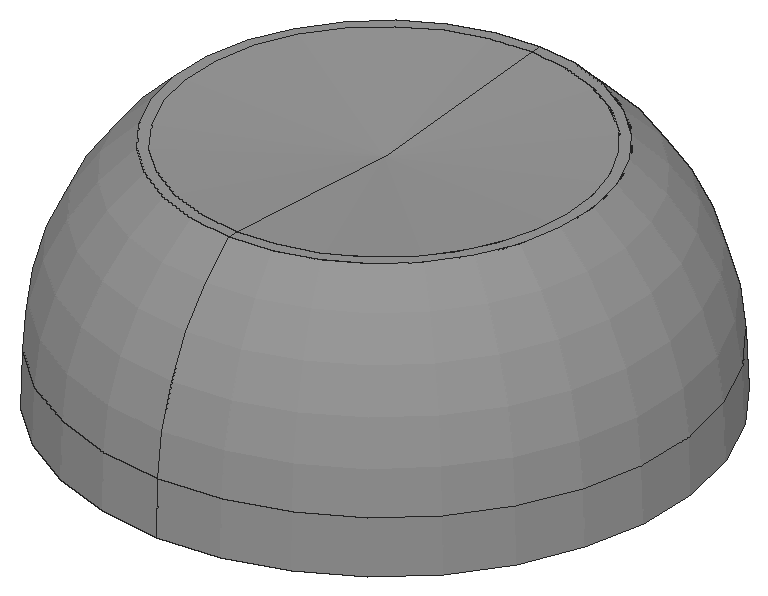
Revit family "AlarmsAlarmHub", category Electrical Equipment, host Face, Revit 2020
Family settings
  Host = Face
  Round Connector Dimension = Use Diameter
  Part Type = Other Panel
  Cut with Voids When Loaded = No
  Shared = No
  Room Calculation Point = No
Parameters (values of type "WH52")
  URL = "https://www.verkada.com/alarms/wireless-hubs/"
  Type Image = WH52.jpg
  Model = "WH52-HW"
  Manufacturer = "VERKADA"  # constant formula
  Geometry = Alarm Hub WH52 : WH52
  Description = "WH52 Wireless Hub"
  Default Elevation = 108"
Types (2): name | URL | Type Image | Model | Geometry | Description
  BH61 | "https://www.verkada.com/alarms/wireless-intrusion-detection/" | BH61.png | "BH61" | Alarm Hub BH61 : BH61 | "ALARM HUB"
  WH52 | "https://www.verkada.com/alarms/wireless-hubs/" | WH52.jpg | "WH52-HW" | Alarm Hub WH52 : WH52 | "WH52 Wireless Hub"
Reference planes (in)
  plane 1 "Center (Front/Back)": y = 0
  plane 2: z = 0
  plane 3 "Center (Left/Right)": x = 0
Dimensions and locks (in)
  aligned and locked: plane 2 to host face
  aligned and locked: level to host face
Nested families (in)
  nested 1: "PlanSymbol_AlarmHub" at (0, 0, 0), type "Standard"
  nested 2: "Alarm Hub WH52" at (0, 0, 0), type <- "Geometry", type "WH52"
Connectors (in)
  electrical at (0, 0, 0)
    settings: index 2, voltage 0 V, apparent load 0 VA, apparent load phase1 0 VA, apparent load phase2 0 VA, apparent load phase3 0 VA, power factor 1, load classification "Other", number of poles 1, system type 5, power factor state 1, is connector primary yes, connector utility no, sub classification motor no, connector description ""
Definition of nested family "Alarm Hub WH52"
  Parameters (values of type "WH52")
    URL = "https://www.verkada.com/alarms/wireless-hubs/"
    Type Image = element 9335
    Model = "WH52"
    Manufacturer = "VERKADA"  # constant formula
    Description = "WH52 Wireless Hub"
    Default Elevation = 108"
  Reference planes (in)
    plane 1 "Center (Front/Back)": y = 0
    plane 2: z = 0
    plane 3 "Center (Left/Right)": x = 0
  Forms (in)
    Extrusion 1, solid
      sketch origin (0, 0, 0) x (1, 0, 0) y (0, 1, 0)
        loop
          line (-10, 10) -> (-10, -10) -> (10, -10) -> (10, 10) -> (-10, 10)
      from 0 to -1
    Revolve 2, solid, detail levels medium+fine
      sketch origin (0, 0, 0) x (0, 0, -1) y (0, 1, 0)
        loop
          line (0, 0) -> (-0.17717, 0) -> (-0.17717, -2.75591) -> (-0.05901, -2.75591)
          arc (-0.05901, -2.75591) -> (-0.01728, -2.73863) -> (0, -2.6969) r 0.05901
          line (0, -2.6969) -> (0, 0)
        axis (0, 0) -> (-0.17717, 0)
      angle from 0 to 360
    Revolve 3, solid, detail levels medium+fine
      sketch origin (0, 0, 0) x (0, 0, -1) y (0, 1, 0)
        loop
          line (-0.17717, 0) -> (-2.49111, 0)
          arc (-2.49111, 0) -> (-2.52783, -0.98845) -> (-2.6378, -1.97146) r 13.32119
          line (-2.6378, -1.97146) -> (-2.6378, -2.07882)
          arc (-2.6378, -2.07882) -> (-1.78711, -2.76287) -> (-0.72918, -3.0319) r 2.5687
          line (-0.72918, -3.0319) -> (-0.17717, -3.05118) -> (-0.17717, 0)
        axis (-0.17717, 0) -> (-2.6378, 0)
      angle from 0 to 360
    Extrusion 4, void
      sketch origin (0, 0, 0) x (1, 0, 0) y (0, 1, 0)
        loop
          circle (-2.36775, 0) r 0.16457
        loop
          circle (2.36775, 0) r 0.16457
      from 2.09413 to 0.72918
  Cuts and joins
    Extrusion 4 cuts Revolve 3
  Dimensions and locks (in)
    aligned and locked: plane 2 to Extrusion 1
    aligned and locked: level to Extrusion 1
  Nested families (in)
    nested 1: "PlanSymbol_AlarmHub" at (0, 0, 0), type "Standard"
  Definition of nested family "PlanSymbol_AlarmHub"
    Reference planes (in)
      plane 1: y = 0
      plane 2: x = 0
    Lines and regions (in)
      detail lines
        curve 1: circle (0, 0, 0) r 0.08943 normal (0, 0, 1)
    Text (in)
      text "H" at (-0.03582, 0.07699, 0)
Definition of nested family "PlanSymbol_AlarmHub"
  Reference planes (in)
    plane 1: y = 0
    plane 2: x = 0
  Lines and regions (in)
    detail lines
      curve 1: circle (0, 0, 0) r 0.08943 normal (0, 0, 1)
  Text (in)
    text "H" at (-0.03582, 0.07699, 0)
